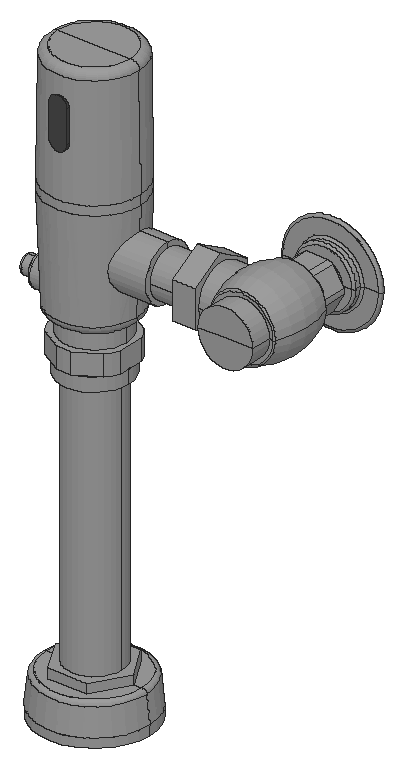
Revit family "Flush_Valve-Sensor-Zurn-Exposed-Water_Closet-ZTR6200", category Plumbing Fixtures, Revit 2015 (continued)
Definition of nested family "Escutcheon-Closet-Zurn"
  Lines and regions (in)
    symbolic lines, detail levels fine
      curve 5: line (-0.535, 0, 1.09) -> (-0.535, 0, 1.34)
      curve 6: line (0.535, 0, 1.09) -> (0.535, 0, 1.34)
      curve 7: line (-1.5, 0, 0.25) -> (1.5, 0, 0.25)
      curve 29: line (0, -1.5, 0.25) -> (0, 1.5, 0.25)
      curve 30: line (0, -0.46332, 1.34) -> (0, -0.46332, 1.09)
      curve 31: line (0, 0.46332, 1.34) -> (0, 0.46332, 1.09)
      curve 32: circle (0, 0, 23.97561) r 1.36963 normal (0, 0, 1)
    model lines, detail levels coarse+medium
      curve 8: line (-0.535, 0.92665, 1.34) -> (-1.07, 0, 1.34)
      curve 9: line (0.535, 0.92665, 1.34) -> (-0.535, 0.92665, 1.34)
      curve 10: line (1.07, 0, 1.34) -> (0.535, 0.92665, 1.34)
      curve 11: line (0.535, -0.92665, 1.34) -> (1.07, 0, 1.34)
      curve 12: line (-0.535, -0.92665, 1.34) -> (0.535, -0.92665, 1.34)
      curve 13: line (-1.07, 0, 1.34) -> (-0.535, -0.92665, 1.34)
      curve 14: circle (0, 0, 0) r 1.5 normal (0, 0, 1)
      curve 15: circle (0, 0, 1.09) r 1.36963 normal (0, 0, 1)
      curve 22: line (1.5, 0, 0) -> (1.5, 0, 0.25)
      curve 23: line (1.5, 0, 0.25) -> (1.36963, 0, 1.09)
      curve 24: line (-1.5, 0, 0) -> (-1.5, 0, 0.25)
      curve 25: line (-1.5, 0, 0.25) -> (-1.36963, 0, 1.09)
      curve 26: line (1.07, 0, 1.09) -> (1.07, 0, 1.34)
      curve 27: line (-1.07, 0, 1.09) -> (-1.07, 0, 1.34)
    model lines, detail levels medium
      curve 16: line (-0.535, 0.92665, 1.09) -> (-1.07, 0, 1.09)
      curve 17: line (0.535, 0.92665, 1.09) -> (-0.535, 0.92665, 1.09)
      curve 18: line (1.07, 0, 1.09) -> (0.535, 0.92665, 1.09)
      curve 19: line (0.535, -0.92665, 1.09) -> (1.07, 0, 1.09)
      curve 20: line (-0.535, -0.92665, 1.09) -> (0.535, -0.92665, 1.09)
      curve 21: line (-1.07, 0, 1.09) -> (-0.535, -0.92665, 1.09)
  Dimensions and locks (in)
    aligned and locked: level to plane 2
Definition of nested family "Escutchen-Zurn-Stop"
  Parameters
    Handle and Escutchen Finish = none
    Assembly Code = ""
  Reference planes (in)
    plane 1 "Center (Front/Back)": y = 0
    plane 2: z = 0
    plane 3 "Center (Left/Right)": x = 0
  Forms (in)
    Revolve 1, solid, material <- "Handle and Escutchen Finish", detail levels fine
      sketch origin (0, 0, 0) x (1, 0, 0) y (0, 1, 0)
        loop
          arc (0.78101, -0.37514) -> (0.82521, -0.35683) -> (0.84351, -0.31263) r 0.0625
          line (0.84351, -0.31263) -> (0.8435, -0.18763)
          arc (0.8435, -0.18763) -> (0.8618, -0.14344) -> (0.90599, -0.12513) r 0.0625
          line (0.90599, -0.12513) -> (1.30724, -0.1251)
          arc (1.30724, -0.1251) -> (1.36974, -0.06259) -> (1.30723, -0.0001) r 0.0625
          line (1.30723, -0.0001) -> (-0.00003, -0.0002) -> (0, -0.3752) -> (0.78101, -0.37514)
        axis (0, -0.3752) -> (-0.00003, -0.0002)
      angle from 0 to 360
  Lines and regions (in)
    Masking region 1
      outline origin (-0.00024, -0.00024, 0) x (0.000081, -1, 0) y (1, 0.000081, 0)
        loop
          line (0.37476, -0.77975) -> (0.37476, 0.77975)
          arc (0.37476, 0.77975) -> (0.35579, 0.82557) -> (0.30997, 0.84454) r 0.06479
          line (0.30997, 0.84454) -> (0.18246, 0.84454)
          arc (0.18246, 0.84454) -> (0.14166, 0.86144) -> (0.12476, 0.90224) r 0.0577
          line (0.12476, 0.90224) -> (0.12476, 1.31223)
          arc (0.12476, 1.31223) -> (0.06226, 1.37473) -> (-0.00024, 1.31223) r 0.0625
          line (-0.00024, 1.31223) -> (-0.00024, -1.31223)
          arc (-0.00024, -1.31223) -> (0.06226, -1.37473) -> (0.12476, -1.31223) r 0.0625
          line (0.12476, -1.31223) -> (0.12476, -0.90224)
          arc (0.12476, -0.90224) -> (0.14166, -0.86144) -> (0.18246, -0.84454) r 0.0577
          line (0.18246, -0.84454) -> (0.30997, -0.84454)
          arc (0.30997, -0.84454) -> (0.35579, -0.82557) -> (0.37476, -0.77975) r 0.06479
    Masking region 2
      outline origin (0, 0, 0) x (0, 1, 0) y (0, 0, 1)
        loop
          line (-0.125, 1.30818) -> (-0.125, 0.90568)
          arc (-0.125, 0.90568) -> (-0.14323, 0.86167) -> (-0.18724, 0.84344) r 0.06224
          line (-0.18724, 0.84344) -> (-0.31432, 0.84344)
          arc (-0.31432, 0.84344) -> (-0.35723, 0.82567) -> (-0.375, 0.78276) r 0.06068
          line (-0.375, 0.78276) -> (-0.375, -0.78276)
          arc (-0.375, -0.78276) -> (-0.35723, -0.82567) -> (-0.31432, -0.84344) r 0.06068
          line (-0.31432, -0.84344) -> (-0.18724, -0.84344)
          arc (-0.18724, -0.84344) -> (-0.14323, -0.86167) -> (-0.125, -0.90568) r 0.06224
          line (-0.125, -0.90568) -> (-0.125, -1.30818)
          arc (-0.125, -1.30818) -> (-0.0625, -1.37068) -> (0, -1.30818) r 0.0625
          line (0, -1.30818) -> (0, 1.30818)
          arc (0, 1.30818) -> (-0.0625, 1.37068) -> (-0.125, 1.30818) r 0.0625
    model lines
      curve 1: line (0, -0.00024, -1.34926) -> (0, -0.00024, 1.34926)
      curve 5: line (1.34934, -0.0001, 0) -> (-1.34934, -0.00032, 0)
      curve 6: line (0, 0, 0) -> (0, -0.375, 0)
    model lines, detail levels coarse+medium
      curve 2: circle (0, -0.375, 0) r 0.81047 normal (0.0001, -1, 0)
      curve 3: circle (-0.01466, -0.00024, 0) r 1.34934 normal (0.0001, -1, 0)
      curve 4: arc (-0.00001, -0.125, -1.34934) -> (0.00459, -0.125, 1.34933) -> (-0.00917, -0.125, -1.3493) r 1.34934
  Dimensions and locks (in)
    aligned and locked: level to plane 2
    aligned and locked: plane 1 "Center (Front/Back)" to Masking region 2 sketch curve
